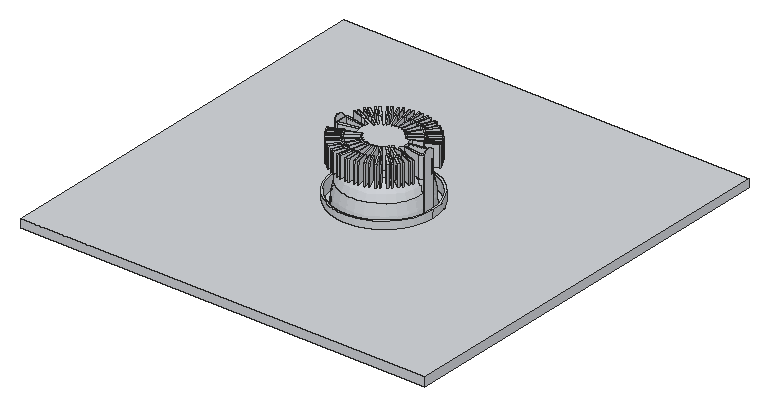
Revit family "Ice-X161", category Lighting Fixtures, Revit 2014
Parameters (values of type "Ice X161")
  Wattage Comments = "19.5"
  Wattage = 19.5 W
  built-in parameter 1150110 = 1 (stored number, unit not read)
  Type Comments = "Recessed"
  Type = "Ice X161"
  built-in parameter 1114217 = 1 (stored number, unit not read)
  Tilt Angle = 90.00°
  built-in parameter 1150109 = 1 (stored number, unit not read)
  built-in parameter 1150134 = (empty or 0)
  built-in parameter 1150113 = 1 (stored number, unit not read)
  Photometric Web File = "C8401-XTM.ies"
  O/A Diameter (mm) = "161"
  Model = "C8401"
  Manufacturer = "Designed Architectural Lighting"
  Luminous flux of luminaire (lm) = "2000"
  Lumens = 1998.75 lm
  built-in parameter 1150115 = 1 (stored number, unit not read)
  built-in parameter 1150105 = 159.06 (stored number, unit not read)
  built-in parameter 1150137 = (empty or 0)
  built-in parameter 1150139 = (empty or 0)
  built-in parameter 1150112 = 1 (stored number, unit not read)
  built-in parameter 1150114 = 1 (stored number, unit not read)
  Lamp = "LED"
  built-in parameter 1150132 = (empty or 0)
  built-in parameter 1150102 = (empty or 0)
  built-in parameter 1150138 = (empty or 0)
  built-in parameter 1150107 = 3000 (stored number, unit not read)
  built-in parameter 1150106 = 1.5906 (stored number, unit not read)
  Height (mm) = "102"
  built-in parameter 1150104 = 9.5226 (stored number, unit not read)
  Dimming Lamp Color Temperature Shift = <None>
  Description = "Recessed IP44 LED downlighter"
  Cut Out (mm) = "147"
  Colour temperature (K) = "2700, 3000, 3500, 4000K"
  Color Filter = 16777215
  CRI = "80"
  built-in parameter 1114218 = 1 (stored number, unit not read)
  built-in parameter 1150133 = 10 (stored number, unit not read)
  Apparent Load = 19.5 VA
  Aperture (mm) = "126"
Reference planes
  plane 1 "Light Source Axis (F/B)": y = 0
  plane 2: z = 0
  plane 3 "Light Source Axis (L/R)": x = 0
  plane 4 "Light Source Elevation": z = 0
Forms (mm)
  Extrusion 1, solid
    sketch origin (26.249, 2.013, 0) x (0, 1, 0) y (-1, 0, 0)
      loop
        line (-9.76, -39.191) -> (-9.76, -40.839) -> (5.202, -40.839) -> (5.202, -39.191) -> (-9.76, -39.191)
    from 4.896 to 101.917
  Extrusion 2, solid
    sketch origin (-106.271, 2.013, 0) x (0, 1, 0) y (-1, 0, 0)
      loop
        line (-9.76, -39.191) -> (-9.76, -40.839) -> (5.202, -40.839) -> (5.202, -39.191) -> (-9.76, -39.191)
    from 4.896 to 101.917
  Extrusion 3, solid
    sketch origin (0, 0, 0) x (1, 0, 0) y (0, 1, 0)
      loop
        line (6.664, -49.816) -> (9.797, -67.585)
        arc (9.797, -67.585) -> (10.669, -68.174) -> (11.258, -67.301) r 0.744
        line (11.258, -67.301) -> (8.543, -50.165)
        arc (8.543, -50.165) -> (9.457, -48.81) -> (10.812, -49.724) r 1.156
        line (10.812, -49.724) -> (14.914, -66.649)
        arc (14.914, -66.649) -> (15.891, -67.245) -> (16.487, -66.268) r 0.809
        line (16.487, -66.268) -> (12.17, -48.457)
        arc (12.17, -48.457) -> (11.389, -47.099) -> (10, -46.375) r 2.794
        line (10, -46.375) -> (6.087, -26.242)
        arc (6.087, -26.242) -> (7.029, -24.172) -> (8.966, -25.363) r 1.517
        line (8.966, -25.363) -> (16.661, -44.408)
        arc (16.661, -44.408) -> (15.796, -45.906) -> (15.917, -47.631) r 2.958
        line (15.917, -47.631) -> (22.383, -64.476)
        arc (22.383, -64.476) -> (23.351, -64.887) -> (23.763, -63.919) r 0.744
        line (23.763, -63.919) -> (17.828, -47.615)
        arc (17.828, -47.615) -> (18.467, -46.111) -> (19.971, -46.749) r 1.156
        line (19.971, -46.749) -> (27.227, -62.58)
        arc (27.227, -62.58) -> (28.3, -62.979) -> (28.698, -61.906) r 0.809
        line (28.698, -61.906) -> (21.063, -45.246)
        arc (21.063, -45.246) -> (20.037, -44.062) -> (18.536, -43.616) r 2.794
        line (18.536, -43.616) -> (10.853, -24.601)
        arc (10.853, -24.601) -> (11.598, -22.613) -> (13.641, -23.186) r 1.569
        line (13.641, -23.186) -> (24.828, -40.413)
        arc (24.828, -40.413) -> (24.265, -42.048) -> (24.713, -43.719) r 2.958
        line (24.713, -43.719) -> (34.274, -59.021)
        arc (34.274, -59.021) -> (35.303, -59.239) -> (35.522, -58.21) r 0.744
        line (35.522, -58.21) -> (26.586, -43.338)
        arc (26.586, -43.338) -> (26.926, -41.74) -> (28.525, -42.08) r 1.156
        line (28.525, -42.08) -> (38.668, -56.235)
        arc (38.668, -56.235) -> (39.797, -56.422) -> (39.983, -55.293) r 0.809
        line (39.983, -55.293) -> (29.309, -40.396)
        arc (29.309, -40.396) -> (28.077, -39.43) -> (26.517, -39.278) r 2.794
        line (26.517, -39.278) -> (15.347, -22.078)
        arc (15.347, -22.078) -> (15.616, -19.525) -> (18.168, -19.257) r 2.039
        line (18.168, -19.257) -> (32.552, -34.152)
        arc (32.552, -34.152) -> (32.311, -35.864) -> (33.07, -37.419) r 2.958
        line (33.07, -37.419) -> (45.375, -50.615)
        arc (45.375, -50.615) -> (46.427, -50.633) -> (46.445, -49.582) r 0.744
        line (46.445, -49.582) -> (34.836, -36.688)
        arc (34.836, -36.688) -> (34.864, -35.054) -> (36.498, -35.082) r 1.156
        line (36.498, -35.082) -> (49.156, -47.043)
        arc (49.156, -47.043) -> (50.3, -47.01) -> (50.268, -45.866) r 0.809
        line (50.268, -45.866) -> (36.947, -33.28)
        arc (36.947, -33.28) -> (35.553, -32.567) -> (33.994, -32.716) r 2.794
        line (33.994, -32.716) -> (19.747, -17.963)
        arc (19.747, -17.963) -> (19.711, -15.866) -> (21.801, -15.687) r 1.536
        line (21.801, -15.687) -> (38.627, -27.469)
        arc (38.627, -27.469) -> (38.717, -29.197) -> (39.758, -30.578) r 2.958
        line (39.758, -30.578) -> (54.355, -41.183)
        arc (54.355, -41.183) -> (55.392, -41.001) -> (55.209, -39.965) r 0.744
        line (55.209, -39.965) -> (41.352, -29.523)
        arc (41.352, -29.523) -> (41.069, -27.914) -> (42.678, -27.63) r 1.156
        line (42.678, -27.63) -> (57.386, -36.955)
        arc (57.386, -36.955) -> (58.502, -36.705) -> (58.252, -35.589) r 0.809
        line (58.252, -35.589) -> (42.775, -25.775)
        arc (42.775, -25.775) -> (41.27, -25.341) -> (39.768, -25.785) r 2.794
        line (39.768, -25.785) -> (22.968, -14.021)
        arc (22.968, -14.021) -> (22.469, -12.009) -> (24.393, -11.239) r 1.578
        line (24.393, -11.239) -> (43.158, -19.594)
        arc (43.158, -19.594) -> (43.577, -21.272) -> (44.862, -22.43) r 2.958
        line (44.862, -22.43) -> (61.215, -30.055)
        arc (61.215, -30.055) -> (62.197, -29.678) -> (61.82, -28.696) r 0.744
        line (61.82, -28.696) -> (46.226, -21.09)
        arc (46.226, -21.09) -> (45.64, -19.565) -> (47.166, -18.979) r 1.156
        line (47.166, -18.979) -> (63.383, -25.327)
        arc (63.383, -25.327) -> (64.431, -24.868) -> (63.972, -23.82) r 0.809
        line (63.972, -23.82) -> (46.907, -17.14)
        arc (46.907, -17.14) -> (45.347, -17) -> (43.957, -17.723) r 2.794
        line (43.957, -17.723) -> (31.438, -12.149)
        arc (31.438, -12.149) -> (31.267, -8.471) -> (33.361, -5.443) r 5.752
        line (33.361, -5.443) -> (60.614, -10.248)
        arc (60.614, -10.248) -> (63.736, -9.613) -> (65.586, -7.019) r 4.346
        line (65.586, -7.019) -> (65.586, 7.019)
        arc (65.586, 7.019) -> (63.736, 9.613) -> (60.614, 10.248) r 4.346
        line (60.614, 10.248) -> (33.361, 5.443)
        arc (33.361, 5.443) -> (31.267, 8.471) -> (31.438, 12.149) r 5.752
        line (31.438, 12.149) -> (43.957, 17.723)
        arc (43.957, 17.723) -> (45.347, 17) -> (46.907, 17.14) r 2.794
        line (46.907, 17.14) -> (63.972, 23.82)
        arc (63.972, 23.82) -> (64.431, 24.868) -> (63.383, 25.327) r 0.809
        line (63.383, 25.327) -> (47.166, 18.979)
        arc (47.166, 18.979) -> (45.64, 19.565) -> (46.226, 21.09) r 1.156
        line (46.226, 21.09) -> (61.82, 28.696)
        arc (61.82, 28.696) -> (62.197, 29.678) -> (61.215, 30.055) r 0.744
        line (61.215, 30.055) -> (44.862, 22.43)
        arc (44.862, 22.43) -> (43.577, 21.272) -> (43.158, 19.594) r 2.958
        line (43.158, 19.594) -> (24.393, 11.239)
        arc (24.393, 11.239) -> (22.469, 12.009) -> (22.968, 14.021) r 1.578
        line (22.968, 14.021) -> (39.768, 25.785)
        arc (39.768, 25.785) -> (41.27, 25.341) -> (42.775, 25.775) r 2.794
        line (42.775, 25.775) -> (58.252, 35.589)
        arc (58.252, 35.589) -> (58.502, 36.705) -> (57.386, 36.955) r 0.809
        line (57.386, 36.955) -> (42.678, 27.63)
        arc (42.678, 27.63) -> (41.069, 27.914) -> (41.352, 29.523) r 1.156
        line (41.352, 29.523) -> (55.209, 39.965)
        arc (55.209, 39.965) -> (55.392, 41.001) -> (54.355, 41.183) r 0.744
        line (54.355, 41.183) -> (39.758, 30.578)
        arc (39.758, 30.578) -> (38.717, 29.197) -> (38.627, 27.469) r 2.958
        line (38.627, 27.469) -> (21.801, 15.687)
        arc (21.801, 15.687) -> (19.711, 15.866) -> (19.747, 17.963) r 1.536
        line (19.747, 17.963) -> (33.994, 32.716)
        arc (33.994, 32.716) -> (35.553, 32.567) -> (36.947, 33.28) r 2.794
        line (36.947, 33.28) -> (50.268, 45.866)
        arc (50.268, 45.866) -> (50.3, 47.01) -> (49.156, 47.043) r 0.809
        line (49.156, 47.043) -> (36.498, 35.082)
        arc (36.498, 35.082) -> (34.864, 35.054) -> (34.836, 36.688) r 1.156
        line (34.836, 36.688) -> (46.445, 49.582)
        arc (46.445, 49.582) -> (46.427, 50.633) -> (45.375, 50.615) r 0.744
        line (45.375, 50.615) -> (33.07, 37.419)
        arc (33.07, 37.419) -> (32.311, 35.864) -> (32.552, 34.152) r 2.958
        line (32.552, 34.152) -> (18.168, 19.257)
        arc (18.168, 19.257) -> (15.616, 19.525) -> (15.347, 22.078) r 2.039
        line (15.347, 22.078) -> (26.517, 39.278)
        arc (26.517, 39.278) -> (28.077, 39.43) -> (29.309, 40.396) r 2.794
        line (29.309, 40.396) -> (39.983, 55.293)
        arc (39.983, 55.293) -> (39.797, 56.422) -> (38.668, 56.235) r 0.809
        line (38.668, 56.235) -> (28.525, 42.08)
        arc (28.525, 42.08) -> (26.926, 41.74) -> (26.586, 43.338) r 1.156
        line (26.586, 43.338) -> (35.522, 58.21)
        arc (35.522, 58.21) -> (35.303, 59.239) -> (34.274, 59.021) r 0.744
        line (34.274, 59.021) -> (24.713, 43.719)
        arc (24.713, 43.719) -> (24.265, 42.048) -> (24.828, 40.413) r 2.958
        line (24.828, 40.413) -> (13.641, 23.186)
        arc (13.641, 23.186) -> (11.598, 22.613) -> (10.853, 24.601) r 1.569
        line (10.853, 24.601) -> (18.536, 43.616)
        arc (18.536, 43.616) -> (20.037, 44.062) -> (21.063, 45.246) r 2.794
        line (21.063, 45.246) -> (28.698, 61.906)
        arc (28.698, 61.906) -> (28.3, 62.979) -> (27.227, 62.58) r 0.809
        line (27.227, 62.58) -> (19.971, 46.749)
        arc (19.971, 46.749) -> (18.467, 46.111) -> (17.828, 47.615) r 1.156
        line (17.828, 47.615) -> (23.763, 63.919)
        arc (23.763, 63.919) -> (23.351, 64.887) -> (22.383, 64.476) r 0.744
        line (22.383, 64.476) -> (15.917, 47.631)
        arc (15.917, 47.631) -> (15.796, 45.906) -> (16.661, 44.408) r 2.958
        line (16.661, 44.408) -> (8.966, 25.363)
        arc (8.966, 25.363) -> (7.029, 24.172) -> (6.087, 26.242) r 1.517
        line (6.087, 26.242) -> (10, 46.375)
        arc (10, 46.375) -> (11.389, 47.099) -> (12.17, 48.457) r 2.794
        line (12.17, 48.457) -> (16.487, 66.268)
        arc (16.487, 66.268) -> (15.891, 67.245) -> (14.914, 66.649) r 0.809
        line (14.914, 66.649) -> (10.812, 49.724)
        arc (10.812, 49.724) -> (9.457, 48.81) -> (8.543, 50.165) r 1.156
        line (8.543, 50.165) -> (11.258, 67.301)
        arc (11.258, 67.301) -> (10.669, 68.174) -> (9.797, 67.585) r 0.744
        line (9.797, 67.585) -> (6.664, 49.816)
        arc (6.664, 49.816) -> (6.875, 48.099) -> (8.009, 46.794) r 2.958
        line (8.009, 46.794) -> (4.11, 26.732)
        arc (4.11, 26.732) -> (2.621, 25.243) -> (1.133, 26.732) r 1.489
        line (1.133, 26.732) -> (1.133, 47.273)
        arc (1.133, 47.273) -> (2.496, 48.338) -> (3.03, 49.983) r 2.958
        line (3.03, 49.983) -> (3.345, 68.023)
        arc (3.345, 68.023) -> (2.601, 68.767) -> (1.857, 68.023) r 0.744
        line (1.857, 68.023) -> (1.252, 50.684)
        arc (1.252, 50.684) -> (0.096, 49.528) -> (-1.059, 50.684) r 1.156
        line (-1.059, 50.684) -> (-1.856, 68.08)
        arc (-1.856, 68.08) -> (-2.702, 68.851) -> (-3.473, 68.006) r 0.809
        line (-3.473, 68.006) -> (-2.634, 49.699)
        arc (-2.634, 49.699) -> (-2.127, 48.217) -> (-0.902, 47.241) r 2.794
        line (-0.902, 47.241) -> (-0.902, 26.631)
        arc (-0.902, 26.631) -> (-2.496, 25.036) -> (-4.09, 26.631) r 1.594
        line (-4.09, 26.631) -> (-8.009, 46.794)
        arc (-8.009, 46.794) -> (-6.875, 48.099) -> (-6.664, 49.816) r 2.958
        line (-6.664, 49.816) -> (-9.797, 67.585)
        arc (-9.797, 67.585) -> (-10.669, 68.174) -> (-11.258, 67.301) r 0.744
        line (-11.258, 67.301) -> (-8.543, 50.165)
        arc (-8.543, 50.165) -> (-9.457, 48.81) -> (-10.812, 49.724) r 1.156
        line (-10.812, 49.724) -> (-14.914, 66.649)
        arc (-14.914, 66.649) -> (-15.891, 67.245) -> (-16.487, 66.268) r 0.809
        line (-16.487, 66.268) -> (-12.17, 48.457)
        arc (-12.17, 48.457) -> (-11.389, 47.099) -> (-10, 46.375) r 2.794
        line (-10, 46.375) -> (-6.087, 26.242)
        arc (-6.087, 26.242) -> (-7.021, 24.149) -> (-8.966, 25.363) r 1.52
        line (-8.966, 25.363) -> (-16.661, 44.408)
        arc (-16.661, 44.408) -> (-15.796, 45.906) -> (-15.917, 47.631) r 2.958
        line (-15.917, 47.631) -> (-22.383, 64.476)
        arc (-22.383, 64.476) -> (-23.351, 64.887) -> (-23.763, 63.919) r 0.744
        line (-23.763, 63.919) -> (-17.828, 47.615)
        arc (-17.828, 47.615) -> (-18.467, 46.111) -> (-19.971, 46.749) r 1.156
        line (-19.971, 46.749) -> (-27.227, 62.58)
        arc (-27.227, 62.58) -> (-28.3, 62.979) -> (-28.698, 61.906) r 0.809
        line (-28.698, 61.906) -> (-21.063, 45.246)
        arc (-21.063, 45.246) -> (-20.037, 44.062) -> (-18.536, 43.616) r 2.794
        line (-18.536, 43.616) -> (-10.853, 24.601)
        arc (-10.853, 24.601) -> (-11.463, 22.348) -> (-13.641, 23.186) r 1.572
        line (-13.641, 23.186) -> (-24.828, 40.413)
        arc (-24.828, 40.413) -> (-24.265, 42.048) -> (-24.713, 43.719) r 2.958
        line (-24.713, 43.719) -> (-34.274, 59.021)
        arc (-34.274, 59.021) -> (-35.303, 59.239) -> (-35.522, 58.21) r 0.744
        line (-35.522, 58.21) -> (-26.586, 43.338)
        arc (-26.586, 43.338) -> (-26.926, 41.74) -> (-28.525, 42.08) r 1.156
        line (-28.525, 42.08) -> (-38.668, 56.235)
        arc (-38.668, 56.235) -> (-39.797, 56.422) -> (-39.983, 55.293) r 0.809
        line (-39.983, 55.293) -> (-29.309, 40.396)
        arc (-29.309, 40.396) -> (-28.077, 39.43) -> (-26.517, 39.278) r 2.794
        line (-26.517, 39.278) -> (-15.347, 22.078)
        arc (-15.347, 22.078) -> (-15.464, 19.259) -> (-18.283, 19.376) r 1.995
        line (-18.283, 19.376) -> (-32.552, 34.152)
        arc (-32.552, 34.152) -> (-32.311, 35.864) -> (-33.07, 37.419) r 2.958
        line (-33.07, 37.419) -> (-45.375, 50.615)
        arc (-45.375, 50.615) -> (-46.427, 50.633) -> (-46.445, 49.582) r 0.744
        line (-46.445, 49.582) -> (-34.836, 36.688)
        arc (-34.836, 36.688) -> (-34.864, 35.054) -> (-36.498, 35.082) r 1.156
        line (-36.498, 35.082) -> (-49.156, 47.043)
        arc (-49.156, 47.043) -> (-50.3, 47.01) -> (-50.268, 45.866) r 0.809
        line (-50.268, 45.866) -> (-36.947, 33.28)
        arc (-36.947, 33.28) -> (-35.553, 32.567) -> (-33.994, 32.716) r 2.794
        line (-33.994, 32.716) -> (-19.747, 17.963)
        arc (-19.747, 17.963) -> (-19.769, 15.918) -> (-21.801, 15.687) r 1.544
        line (-21.801, 15.687) -> (-38.627, 27.469)
        arc (-38.627, 27.469) -> (-38.717, 29.197) -> (-39.758, 30.578) r 2.958
        line (-39.758, 30.578) -> (-54.355, 41.183)
        arc (-54.355, 41.183) -> (-55.392, 41.001) -> (-55.209, 39.965) r 0.744
        line (-55.209, 39.965) -> (-41.352, 29.523)
        arc (-41.352, 29.523) -> (-41.069, 27.914) -> (-42.678, 27.63) r 1.156
        line (-42.678, 27.63) -> (-57.386, 36.955)
        arc (-57.386, 36.955) -> (-58.502, 36.705) -> (-58.252, 35.589) r 0.809
        line (-58.252, 35.589) -> (-42.775, 25.775)
        arc (-42.775, 25.775) -> (-41.27, 25.341) -> (-39.768, 25.785) r 2.794
        line (-39.768, 25.785) -> (-23.019, 14.057)
        arc (-23.019, 14.057) -> (-22.346, 11.985) -> (-24.393, 11.239) r 1.568
        line (-24.393, 11.239) -> (-43.158, 19.594)
        arc (-43.158, 19.594) -> (-43.577, 21.272) -> (-44.862, 22.43) r 2.958
        line (-44.862, 22.43) -> (-61.215, 30.055)
        arc (-61.215, 30.055) -> (-62.197, 29.678) -> (-61.82, 28.696) r 0.744
        line (-61.82, 28.696) -> (-46.226, 21.09)
        arc (-46.226, 21.09) -> (-45.64, 19.565) -> (-47.166, 18.979) r 1.156
        line (-47.166, 18.979) -> (-63.383, 25.327)
        arc (-63.383, 25.327) -> (-64.431, 24.868) -> (-63.972, 23.82) r 0.809
        line (-63.972, 23.82) -> (-46.907, 17.14)
        arc (-46.907, 17.14) -> (-45.347, 17) -> (-43.957, 17.723) r 2.794
        line (-43.957, 17.723) -> (-31.269, 12.074)
        arc (-31.269, 12.074) -> (-31.503, 8.573) -> (-32.598, 5.239) r 14.046
        line (-32.598, 5.239) -> (-59.312, 10.432)
        arc (-59.312, 10.432) -> (-62.715, 10.104) -> (-65.39, 7.976) r 6.018
        line (-65.39, 7.976) -> (-65.39, 3.599) -> (-65.39, -3.599) -> (-65.39, -7.976)
        arc (-65.39, -7.976) -> (-62.715, -10.104) -> (-59.312, -10.432) r 6.018
        line (-59.312, -10.432) -> (-32.598, -5.239)
        arc (-32.598, -5.239) -> (-31.503, -8.573) -> (-31.269, -12.074) r 14.046
        line (-31.269, -12.074) -> (-43.957, -17.723)
        arc (-43.957, -17.723) -> (-45.347, -17) -> (-46.907, -17.14) r 2.794
        line (-46.907, -17.14) -> (-63.972, -23.82)
        arc (-63.972, -23.82) -> (-64.431, -24.868) -> (-63.383, -25.327) r 0.809
        line (-63.383, -25.327) -> (-47.166, -18.979)
        arc (-47.166, -18.979) -> (-45.64, -19.565) -> (-46.226, -21.09) r 1.156
        line (-46.226, -21.09) -> (-61.82, -28.696)
        arc (-61.82, -28.696) -> (-62.197, -29.678) -> (-61.215, -30.055) r 0.744
        line (-61.215, -30.055) -> (-44.862, -22.43)
        arc (-44.862, -22.43) -> (-43.577, -21.272) -> (-43.158, -19.594) r 2.958
        line (-43.158, -19.594) -> (-24.393, -11.239)
        arc (-24.393, -11.239) -> (-22.346, -11.985) -> (-23.019, -14.057) r 1.568
        line (-23.019, -14.057) -> (-39.768, -25.785)
        arc (-39.768, -25.785) -> (-41.27, -25.341) -> (-42.775, -25.775) r 2.794
        line (-42.775, -25.775) -> (-58.252, -35.589)
        arc (-58.252, -35.589) -> (-58.502, -36.705) -> (-57.386, -36.955) r 0.809
        line (-57.386, -36.955) -> (-42.678, -27.63)
        arc (-42.678, -27.63) -> (-41.069, -27.914) -> (-41.352, -29.523) r 1.156
        line (-41.352, -29.523) -> (-55.209, -39.965)
        arc (-55.209, -39.965) -> (-55.392, -41.001) -> (-54.355, -41.183) r 0.744
        line (-54.355, -41.183) -> (-39.758, -30.578)
        arc (-39.758, -30.578) -> (-38.717, -29.197) -> (-38.627, -27.469) r 2.958
        line (-38.627, -27.469) -> (-21.801, -15.687)
        arc (-21.801, -15.687) -> (-19.769, -15.918) -> (-19.747, -17.963) r 1.544
        line (-19.747, -17.963) -> (-33.994, -32.716)
        arc (-33.994, -32.716) -> (-35.553, -32.567) -> (-36.947, -33.28) r 2.794
        line (-36.947, -33.28) -> (-50.268, -45.866)
        arc (-50.268, -45.866) -> (-50.3, -47.01) -> (-49.156, -47.043) r 0.809
        line (-49.156, -47.043) -> (-36.498, -35.082)
        arc (-36.498, -35.082) -> (-34.864, -35.054) -> (-34.836, -36.688) r 1.156
        line (-34.836, -36.688) -> (-46.445, -49.582)
        arc (-46.445, -49.582) -> (-46.427, -50.633) -> (-45.375, -50.615) r 0.744
        line (-45.375, -50.615) -> (-33.07, -37.419)
        arc (-33.07, -37.419) -> (-32.311, -35.864) -> (-32.552, -34.152) r 2.958
        line (-32.552, -34.152) -> (-18.283, -19.376)
        arc (-18.283, -19.376) -> (-15.464, -19.259) -> (-15.347, -22.078) r 1.995
        line (-15.347, -22.078) -> (-26.517, -39.278)
        arc (-26.517, -39.278) -> (-28.077, -39.43) -> (-29.309, -40.396) r 2.794
        line (-29.309, -40.396) -> (-39.983, -55.293)
        arc (-39.983, -55.293) -> (-39.797, -56.422) -> (-38.668, -56.235) r 0.809
        line (-38.668, -56.235) -> (-28.525, -42.08)
        arc (-28.525, -42.08) -> (-26.926, -41.74) -> (-26.586, -43.338) r 1.156
        line (-26.586, -43.338) -> (-35.522, -58.21)
        arc (-35.522, -58.21) -> (-35.303, -59.239) -> (-34.274, -59.021) r 0.744
        line (-34.274, -59.021) -> (-24.713, -43.719)
        arc (-24.713, -43.719) -> (-24.265, -42.048) -> (-24.828, -40.413) r 2.958
        line (-24.828, -40.413) -> (-13.641, -23.186)
        arc (-13.641, -23.186) -> (-11.463, -22.348) -> (-10.853, -24.601) r 1.572
        line (-10.853, -24.601) -> (-18.536, -43.616)
        arc (-18.536, -43.616) -> (-20.037, -44.062) -> (-21.063, -45.246) r 2.794
        line (-21.063, -45.246) -> (-28.698, -61.906)
        arc (-28.698, -61.906) -> (-28.3, -62.979) -> (-27.227, -62.58) r 0.809
        line (-27.227, -62.58) -> (-19.971, -46.749)
        arc (-19.971, -46.749) -> (-18.467, -46.111) -> (-17.828, -47.615) r 1.156
        line (-17.828, -47.615) -> (-23.763, -63.919)
        arc (-23.763, -63.919) -> (-23.351, -64.887) -> (-22.383, -64.476) r 0.744
        line (-22.383, -64.476) -> (-15.917, -47.631)
        arc (-15.917, -47.631) -> (-15.796, -45.906) -> (-16.661, -44.408) r 2.958
        line (-16.661, -44.408) -> (-8.966, -25.363)
        arc (-8.966, -25.363) -> (-7.021, -24.149) -> (-6.087, -26.242) r 1.52
        line (-6.087, -26.242) -> (-10, -46.375)
        arc (-10, -46.375) -> (-11.389, -47.099) -> (-12.17, -48.457) r 2.794
        line (-12.17, -48.457) -> (-16.487, -66.268)
        arc (-16.487, -66.268) -> (-15.891, -67.245) -> (-14.914, -66.649) r 0.809
        line (-14.914, -66.649) -> (-10.812, -49.724)
        arc (-10.812, -49.724) -> (-9.457, -48.81) -> (-8.543, -50.165) r 1.156
        line (-8.543, -50.165) -> (-11.258, -67.301)
        arc (-11.258, -67.301) -> (-10.669, -68.174) -> (-9.797, -67.585) r 0.744
        line (-9.797, -67.585) -> (-6.664, -49.816)
        arc (-6.664, -49.816) -> (-6.875, -48.099) -> (-8.009, -46.794) r 2.958
        line (-8.009, -46.794) -> (-4.09, -26.631)
        arc (-4.09, -26.631) -> (-2.496, -25.036) -> (-0.902, -26.631) r 1.594
        line (-0.902, -26.631) -> (-0.902, -47.241)
        arc (-0.902, -47.241) -> (-2.127, -48.217) -> (-2.634, -49.699) r 2.794
        line (-2.634, -49.699) -> (-3.473, -68.006)
        arc (-3.473, -68.006) -> (-2.702, -68.851) -> (-1.856, -68.08) r 0.809
        line (-1.856, -68.08) -> (-1.059, -50.684)
        arc (-1.059, -50.684) -> (0.096, -49.528) -> (1.252, -50.684) r 1.156
        line (1.252, -50.684) -> (1.857, -68.023)
        arc (1.857, -68.023) -> (2.601, -68.767) -> (3.345, -68.023) r 0.744
        line (3.345, -68.023) -> (3.03, -49.983)
        arc (3.03, -49.983) -> (2.496, -48.338) -> (1.133, -47.273) r 2.958
        line (1.133, -47.273) -> (1.133, -26.732)
        arc (1.133, -26.732) -> (2.621, -25.243) -> (4.11, -26.732) r 1.489
        line (4.11, -26.732) -> (8.009, -46.794)
        arc (8.009, -46.794) -> (6.875, -48.099) -> (6.664, -49.816) r 2.958
      loop
        line (33.87, -2.936) -> (62.854, -8.047) -> (62.854, 8.047) -> (33.87, 2.936)
        arc (33.87, 2.936) -> (33.153, 0) -> (33.87, -2.936) r 6.371
      loop
        arc (-33.915, -3.014) -> (-33.296, 0) -> (-33.915, 3.014) r 7.653
        line (-33.915, 3.014) -> (-62.757, 7.583) -> (-62.757, -7.583) -> (-33.915, -3.014)
    from 64.823 to 95.279
  Extrusion 4, void
    sketch origin (0, 0, -9.763) x (0, 1, 0) y (0, 0, 1)
      loop
        line (7.215, 105.671) -> (8.36, 105.671) -> (8.36, 113.252) -> (-8.843, 113.252) -> (-8.843, 105.671) -> (-7.747, 105.671)
        arc (-7.747, 105.671) -> (-0.266, 111.774) -> (7.215, 105.671) r 7.636
    from 59.955 to 69.49
  Extrusion 5, void
    sketch origin (0, 0.001, -9.49) x (0, 1, 0) y (0, 0, 1)
      loop
        line (7.215, 105.671) -> (8.36, 105.671) -> (8.36, 113.253) -> (-8.843, 113.253) -> (-8.843, 105.671) -> (-7.747, 105.671)
        arc (-7.747, 105.671) -> (-0.266, 111.774) -> (7.215, 105.671) r 7.636
    from -71.118 to -62.757
  Extrusion 6, solid
    sketch origin (0, 0, 0) x (1, 0, 0) y (0, 1, 0)
      loop
        line (-298.853, 299.394) -> (-298.853, -300.606) -> (301.147, -300.606) -> (301.147, 299.394) -> (-298.853, 299.394)
      loop
        circle (0, 0) r 73.5
    from 0 to 12.5
  Revolve 7, solid
    sketch origin (0, 0, 0) x (1, 0, 0) y (0, 0, 1)
      loop
        line (80.713, 0) -> (73.281, 0) -> (73.281, 22.7) -> (70.85, 22.7) -> (70.85, 0) -> (63.134, 0) -> (63.134, -2.251) -> (80.713, -2.251) -> (80.713, 0)
      axis (0, 22.7) -> (0, -2.251)
    angle from 0 to 360
  Revolve 8, solid
    sketch origin (0, 0, 0) x (1, 0, 0) y (0, 0, 1)
      loop
        line (70.349, 3.484) -> (0, 3.484) -> (0, 0) -> (70.349, 0) -> (70.349, 3.484)
      axis (0, 3.484) -> (0, 0)
    angle from 0 to 360
  Revolve 9, solid
    sketch origin (0, 0, 0) x (1, 0, 0) y (0, 0, 1)
      loop
        line (70.108, 3.484) -> (70.108, 4.896) -> (62.581, 4.896)
        arc (62.581, 4.896) -> (61.672, 21.632) -> (58.436, 38.078) r 119.832
        arc (58.436, 38.078) -> (52.243, 51.942) -> (42.097, 63.238) r 48.913
        line (42.097, 63.238) -> (0, 63.238) -> (0, 62.21) -> (41.586, 62.21)
        arc (41.586, 62.21) -> (50.635, 51.982) -> (56.298, 39.555) r 46.195
        arc (56.298, 39.555) -> (59.946, 22.396) -> (61.17, 4.896) r 125.743
        arc (61.17, 4.896) -> (61.583, 3.898) -> (62.581, 3.484) r 1.412
        line (62.581, 3.484) -> (70.108, 3.484)
      axis (0, 63.238) -> (0, 3.484)
    angle from 0 to 360
Cuts and joins
  Extrusion 4 cuts Extrusion 1
  Extrusion 5 cuts Extrusion 2
Dimensions and locks
  aligned and locked: plane 3 "Light Source Axis (L/R)" to imposter light
  aligned and locked: plane 1 "Light Source Axis (F/B)" to imposter light
  aligned and locked: plane 4 "Light Source Elevation" to imposter light
  aligned and locked: level to plane 2
